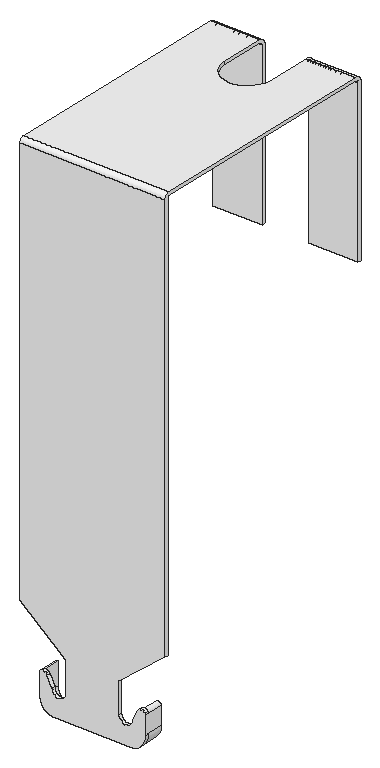
Revit family "sclip_100", category 機械設備, Revit 2022
Family settings
  丸型コネクタ寸法 = 直径を使用
  種別 = なし
  パーツ タイプ = 標準
  作業面ベース = いいえ
  常に垂直 = はい
  ロード時にボイドで切り取り = いいえ
  注釈の向きを維持 = いいえ
  共有 = いいえ
  部屋計算ポイント = いいえ
Parameters
  製造元 = "株式会社桐井製作所"
  既定の高さ = 0 mm
  URL = "https://www.kirii.co.jp/"
  K_品名 = "特殊100mmSクリップ"
  K_名称 = "特殊クリップ"
  K_入数 = "200"
  K_バージョン情報 = "20211012"
Reference planes
  plane 1 "中心(正面/背面)": y = 0
  plane 2: z = 0
  plane 3 "中心(左/右)": x = 0
Forms (mm)
  Extrusion 1, solid
    sketch origin (0, 30, 0) x (0, 1, 0) y (0, 0, 1)
      loop
        line (-30, 0) -> (-29.4, -0.6) -> (-29.4, 108.05) -> (21, 108.05)
        arc (21, 108.05) -> (21.46, 107.86) -> (21.65, 107.4) r 0.65
        line (21.65, 107.4) -> (21.65, 72.35) -> (22.25, 72.95) -> (22.25, 107.35)
        arc (22.25, 107.35) -> (21.884, 108.234) -> (21, 108.6) r 1.25
        line (21, 108.6) -> (-29, 108.6)
        arc (-29, 108.6) -> (-29.707, 108.307) -> (-30, 107.6) r 1
        line (-30, 107.6) -> (-30, 0)
    from -15.5 to 15.5
  Extrusion 2, void
    sketch origin (0, -0.6, -0.8) x (0, 1, 0) y (0, 0, 1)
      loop
        line (0.387, 0.8) -> (0.387, -0.064) -> (1.428, -0.064) -> (1.428, 0.8) -> (0.387, 0.8)
    from -15.5 to 15.5
  Extrusion 3, void
    sketch origin (0, 0, 0) x (1, 0, 0) y (0, 0, 1)
      loop
        line (-15.5, 20) -> (-15.5, 0) -> (-7.9, 0)
        arc (-7.9, 0) -> (-10.375, 1.025) -> (-11.4, 3.5) r 3.5
        line (-11.4, 3.5) -> (-11.4, 7.4)
        arc (-11.4, 7.4) -> (-10.681, 8.244) -> (-9.734, 7.668) r 0.855
        line (-9.734, 7.668) -> (-8.65, 5.5)
        arc (-8.65, 5.5) -> (-7.15, 4) -> (-5.65, 5.5) r 1.5
        line (-5.65, 5.5) -> (-5.65, 12) -> (-15.5, 20)
      loop
        arc (11.4, 3.5) -> (10.375, 1.025) -> (7.9, 0) r 3.5
        line (7.9, 0) -> (15.5, 0) -> (15.5, 20) -> (5.65, 12) -> (5.65, 5.5)
        arc (5.65, 5.5) -> (7.15, 4) -> (8.65, 5.5) r 1.5
        line (8.65, 5.5) -> (9.734, 7.668)
        arc (9.734, 7.668) -> (10.666, 8.146) -> (11.4, 7.4) r 0.884
        line (11.4, 7.4) -> (11.4, 3.5)
    from -0.6 to 0
  Extrusion 4, void
    sketch origin (0, 39.471, 33.072) x (1, 0, 0) y (0, 1, 0)
      loop
        line (-5, 12.779) -> (-5, 1.992)
        arc (-5, 1.992) -> (0, -3.008) -> (5, 1.992) r 5
        line (5, 1.992) -> (5, 12.779) -> (-5, 12.779)
    from 39.001 to 75.528
  Extrusion 5, void
    sketch origin (0, 35.371, 48.176) x (0, 1, 0) y (0, 0, 1)
      loop
        line (15.756, 24.774) -> (15.756, 23.898) -> (16.879, 23.898) -> (16.879, 24.774) -> (15.756, 24.774)
    from -15.5 to 15.5
  Extrusion 6, solid
    sketch origin (0, 0, 0) x (1, 0, 0) y (0, 0, 1)
      loop
        arc (11.4, 7.4) -> (11.131, 7.916) -> (10.6, 8.154) r 0.884
        line (10.6, 8.154) -> (10.6, 3.5)
        arc (10.6, 3.5) -> (9.809, 1.591) -> (7.9, 0.8) r 2.7
        line (7.9, 0.8) -> (-7.9, 0.8)
        arc (-7.9, 0.8) -> (-9.809, 1.591) -> (-10.6, 3.5) r 2.7
        line (-10.6, 3.5) -> (-10.6, 8.253)
        arc (-10.6, 8.253) -> (-11.169, 7.985) -> (-11.4, 7.4) r 0.855
        line (-11.4, 7.4) -> (-11.4, 3.5)
        arc (-11.4, 3.5) -> (-10.375, 1.025) -> (-7.9, 0) r 3.5
        line (-7.9, 0) -> (7.9, 0)
        arc (7.9, 0) -> (10.375, 1.025) -> (11.4, 3.5) r 3.5
        line (11.4, 3.5) -> (11.4, 7.4)
    from -4 to -0.6
Cuts and joins
  Extrusion 2, Extrusion 3, Extrusion 4, Extrusion 5 cuts Extrusion 1
  joined: Extrusion 1, Extrusion 6
Dimensions and locks
  aligned and locked: level to plane 2
